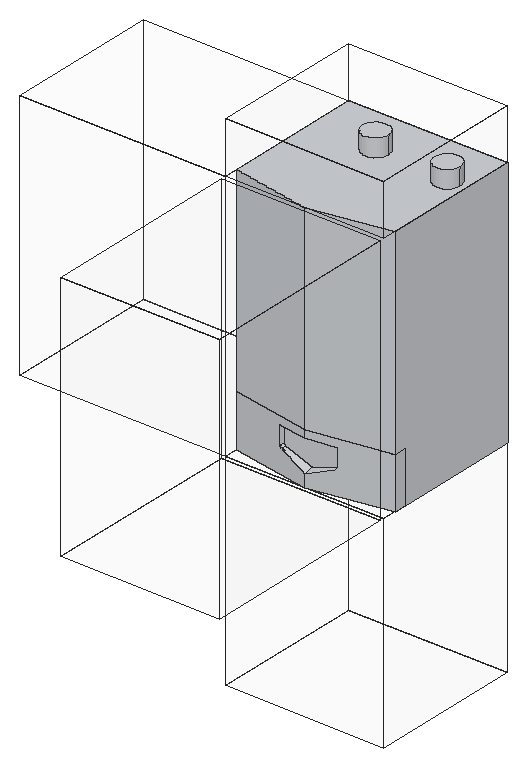
Revit family
Parameters (values of type "WAN125PM")
  WATER CONN SIZE = Water Conn Radius * 2  # 1"
  Top Clearance Height = 6"
  SES BIM Studio # = "201364901-51"
  I_Air Inlet Offset From Back = 6"
  OUTPUT RATE (BTUH) = "-"
  G_Water Outlet Offset from Left = 2 3/4"
  Air Inlet Offset From Left = 16 1/4"
  Flue Offset From Left = 7 1/2"
  Left Clearance Depth = 24"
  H_Flue Offset From Back = 5 1/2"
  Gas Conn Offset From Left = 8"
  Front Clearance Depth = 24"
  E_ Water Outlet Offset From Back = 13"
  Water Conn Radius = 1/2"
  Condensate Drain Offset From Back = 1 3/4"
  Condensate Drain Radius = 3/8"
  Bottom Clearance Height = 24"
  WIDTH = 18 1/2"
  Voltage/Pump Control Contacts = "120"
  Voltage/Control = "24"
  AIR INLET SIZE = Air Inlet Radius * 2  # 3"
  URL = "http://www.lochinvar.com/products/Default.aspx?type=ProductLine&lineid=201"
  Model = "WAN125PM"
  Manufacturer = "Lochinvar"
  MODEL NO. = "WAN125PM"
  Gas Conn Radius = 1/4"
  D_Gas Conn Offset from Back = 7"
  Condensate Drain Offset From Left = 15 1/2"
  GAS CONN SIZE = Gas Conn Radius * 2  # 1/2"
  GALLON CAPACITY = "-"
  Flue Radius = 1 1/2"
  VENT SIZE = Flue Radius * 2  # 3"
  C_Elec Conn Offset from Back = 13"
  B_ DEPTH = 18"
  INPUT RATE (BTUH) = "125,000"
  A_HEIGHT = 29 1/4"
  FUEL TYPE = "NATURAL GAS"
  Description = "Armor Wall Mounted Water Heater"
  Fuel Type = "Natural or LP"
  F_Water Inlet Offset from Back = 3 1/2"
  Air Inlet Radius = 1 1/2"
  Water Intlet Offset From Left = 2 3/4"
Types (3): name | WATER CONN SIZE | I_Air Inlet Offset From Back | G_Water Outlet Offset from Left | E_ Water Outlet Offset From Back | Water Conn Radius | Model | MODEL NO. | D_Gas Conn Offset from Back | C_Elec Conn Offset from Back | B_ DEPTH | INPUT RATE (BTUH)
  (no name) | 1" | 6" | 2 3/4" | 13" | 1/2" | "WAN125PM" | "WAN125PM" | 7" | 13" | 18" | "125,000"
  WAN125PM | 1" | 6" | 2 3/4" | 13" | 1/2" | "WAN125PM" | "WAN125PM" | 7" | 13" | 18" | "125,000"
  WAN200PM | 1 1/4" | 13" | 1 1/2" | 11 3/4" | 5/8" | "WAN200PM" | "WAN200PM" | 14" | 20" | 25" | "199,999"
Reference planes (in)
  plane 1 "Center (Front/Back)": y = 6.125
  plane 2: z = 0
  plane 3 "Center (Left/Right)": x = -1.39218
  plane 4 "Back": y = 14.125
  plane 5 "Front": y = -3.875
  plane 6 "Top": z = 29.25
  plane 7 "Right": x = 7.85782
  plane 8 "Left": x = -10.64218
  plane 9 "Front Clearance": y = -27.875
  plane 10 "Back Clearance": y = 28.125
  plane 11 "Left Clearance": x = -34.64218
  plane 12 "Top Clearance": z = 35.25
  plane 13 "Bottom Clearance": z = -24
  plane 14 "Trim": y = -0.875
Forms (in)
  Extrusion 1, solid
    sketch origin (-1.25, -1.5, 29.25) x (-1, 0, 0) y (0, -1, 0)
      loop
        line (9.39218, -15.625) -> (9.39218, 2.375) -> (-9.10782, 2.375) -> (-9.10782, -15.625) -> (9.39218, -15.625)
    from -29.25 to 0
  Extrusion 2, solid
    sketch origin (0, 0, 0) x (1, 0, 0) y (0, 1, 0)
      loop
        circle (-2.64218, 7.125) r 0.25
    from 0 to -2
  Extrusion 3, solid
    sketch origin (-7.31539, 0, 0) x (1, 0, 0) y (0, 1, 0)
      loop
        circle (-0.57679, 1.125) r 0.5
    from 0 to -2
  Extrusion 4, solid
    sketch origin (-7.31539, -3, 0) x (1, 0, 0) y (0, 1, 0)
      loop
        circle (-0.57679, 13.625) r 0.5
    from 0 to -2
  Extrusion 5, solid
    sketch origin (-2.56539, 0, 0) x (1, 0, 0) y (0, 1, 0)
      loop
        circle (7.42321, 12.375) r 0.375
    from 0 to -2
  Extrusion 6, solid
    sketch origin (7.07681, 4.48288, 0) x (1, 0, 0) y (0, 1, 0)
      loop
        circle (-5.07679, -3.35788) r 0.5
    from 0 to -0.25
  Extrusion 7, solid
    sketch origin (-9.36265, 1.43734, 29.25) x (-1, 0, 0) y (0, -1, 0)
      loop
        circle (-6.22047, -7.18766) r 1.5
    from 0 to 2
  Extrusion 8, solid
    sketch origin (-1.25, -1.5, 29.25) x (-1, 0, 0) y (0, -1, 0)
      loop
        circle (-6.85782, -9.625) r 1.5
    from 0 to 2
  Extrusion 9, solid, material "Clearance"
    sketch origin (7.85782, -3.875, 29.25) x (-1, 0, 0) y (0, 0, -1)
      loop
        line (18.5, 29.25) -> (0, 29.25) -> (0, 0) -> (18.5, 0) -> (18.5, 29.25)
    from 0 to 24
  Extrusion 10, solid, material "Clearance"
    sketch origin (-1.18022, -1.80744, 0) x (1, 0, 0) y (0, 1, 0)
      loop
        line (-9.46196, 15.93244) -> (-9.46196, -2.06756) -> (9.03804, -2.06756) -> (9.03804, 15.93244) -> (-9.46196, 15.93244)
    from 0 to -24
  Extrusion 11, solid, material "Clearance"
    sketch origin (-10.64218, 0, 0) x (0, 1, 0) y (0, 0, 1)
      loop
        line (14.125, 29.25) -> (-3.875, 29.25) -> (-3.875, 0) -> (14.125, 0) -> (14.125, 29.25)
    from 0 to -24
  Extrusion 12, solid, material "Clearance"
    sketch origin (-1.25, -1.5, 29.25) x (-1, 0, 0) y (0, -1, 0)
      loop
        line (9.39218, -15.625) -> (9.39218, 2.375) -> (-9.10782, 2.375) -> (-9.10782, -15.625) -> (9.39218, -15.625)
    from 0 to 6
  Extrusion 13, solid
    sketch origin (0, -3.875, 0) x (1, 0, 0) y (0, 0, 1)
      loop
        line (-10.64218, 0) -> (7.85782, 0) -> (7.85782, 6) -> (-10.64218, 6) -> (-10.64218, 0)
    from -3 to 0.55
  Extrusion 14, void
    sketch origin (0, 0, 0) x (1, 0, 0) y (0, 1, 0)
      loop
        line (-10.64218, -4.425) -> (7.85782, -4.425) -> (7.85782, -2.24353) -> (-1.39218, -3.87456) -> (-10.64218, -2.24353) -> (-10.64218, -4.425)
    from 0 to 29.25 <- "A_HEIGHT"
  Extrusion 15, void
    sketch origin (7.85782, 0, 0) x (0, -1, 0) y (0, 0, 1)
      loop
        arc (3.87456, 3.5) -> (2.84943, 1.02513) -> (0.37456, 0) r 3.5
        line (0.37456, 0) -> (3.87456, 0) -> (3.87456, 3.5)
    from 0 to 18.5
  Blend 16, void
    base sketch origin (0, -3.875, 0.5) x (1, 0, 0) y (0, 0, 1)
      loop
        line (-4.89336, 4.74992) -> (-4.89336, 2.42497)
        arc (-4.89336, 2.42497) -> (-4.84814, 2.28158) -> (-4.72886, 2.19005) r 0.25
        line (-4.72886, 2.19005) -> (-1.39218, 0.9756) -> (1.9454, 2.18162)
        arc (1.9454, 2.18162) -> (2.06145, 2.27181) -> (2.10536, 2.41207) r 0.24598
        line (2.10536, 2.41207) -> (2.10536, 4.74992) -> (-4.89336, 4.74992)
    top sketch origin (0, -3.875, 0.5) x (1, 0, 0) y (0, 0, 1)
      loop
        line (-4.64336, 4.49992) -> (-4.64336, 2.60019)
        arc (-4.64336, 2.60019) -> (-4.59808, 2.4567) -> (-4.47866, 2.36519) r 0.25
        line (-4.47866, 2.36519) -> (-1.38738, 1.24312) -> (1.69032, 2.35524)
        arc (1.69032, 2.35524) -> (1.80998, 2.44673) -> (1.85536, 2.59036) r 0.25
        line (1.85536, 2.59036) -> (1.85536, 4.49992) -> (-4.64336, 4.49992)
    from 0 to -1
Cuts and joins
  Extrusion 14, Blend 16 cuts Extrusion 1
  Extrusion 14 cuts Extrusion 9
  Extrusion 14 cuts Extrusion 10
  Extrusion 14, Extrusion 15 cuts Extrusion 11
  Extrusion 14 cuts Extrusion 12
  Extrusion 14, Blend 16 cuts Extrusion 13
Dimensions and locks (in)
  "Front Clearance Depth": plane 9 "Front Clearance" to plane 5 "Front"
  "Left Clearance Depth": plane 11 "Left Clearance" to plane 8 "Left"
  locked: plane 4 "Back" to plane 10 "Back Clearance" at 14
  "A_HEIGHT": plane 6 "Top" to level
  "Gas Conn Offset From Left": Extrusion 1 to Extrusion 2 sketch curve
  "D_Gas Conn Offset from Back": cut or joined group of Extrusion 11, Extrusion 14, Extrusion 15 to Extrusion 2 sketch curve
  "E_ Water Outlet Offset From Back": cut or joined group of Extrusion 11, Extrusion 14, Extrusion 15 to Extrusion 3 sketch curve
  "G_Water Outlet Offset from Left": Extrusion 1 to Extrusion 3 sketch curve
  "F_Water Inlet Offset from Back": Extrusion 1 to Extrusion 4 sketch curve
  "Water Intlet Offset From Left": Extrusion 1 to Extrusion 4 sketch curve
  "Condensate Drain Offset From Back": cut or joined group of Extrusion 11, Extrusion 14, Extrusion 15 to Extrusion 5 sketch curve
  "Condensate Drain Offset From Left": Extrusion 1 to Extrusion 5 sketch curve
  "C_Elec Conn Offset from Back": Extrusion 6 sketch curve to cut or joined group of Extrusion 11, Extrusion 14, Extrusion 15
  "B_ DEPTH": plane 5 "Front" to plane 4 "Back"
  "WIDTH": plane 8 "Left" to plane 7 "Right"
  "H_Flue Offset From Back": Extrusion 1 to Extrusion 7 sketch curve
  "Flue Offset From Left": Extrusion 1 to Extrusion 7 sketch curve
  "I_Air Inlet Offset From Back": Extrusion 1 to Extrusion 8 sketch curve
  "Air Inlet Offset From Left": Extrusion 1 to Extrusion 8 sketch curve
  "Top Clearance Height": plane 12 "Top Clearance" to plane 6 "Top"
  "Bottom Clearance Height": level to plane 13 "Bottom Clearance"
  locked: plane 5 "Front" to plane 14 "Trim" at 3
  "Gas Conn Radius": radius of Extrusion 2 sketch curve
  "Water Conn Radius": radius of Extrusion 3 sketch curve
  "Water Conn Radius": radius of Extrusion 4 sketch curve
  "Condensate Drain Radius": radius of Extrusion 5 sketch curve
  "Flue Radius": radius of Extrusion 7 sketch curve
  "Air Inlet Radius": radius of Extrusion 8 sketch curve
  aligned and locked: Extrusion 1 to plane 4 "Back"  (x2)
  aligned and locked: Extrusion 1 to plane 7 "Right"
  aligned: plane 6 "Top" to Extrusion 1
  aligned and locked: Extrusion 1 to level
  aligned and locked: Extrusion 10 sketch curve to Extrusion 1  (x3)
  aligned and locked: Extrusion 10 sketch curve to Extrusion 9
  aligned and locked: Extrusion 11 sketch curve to Extrusion 1  (x3)
  aligned and locked: Extrusion 9 to Extrusion 11 sketch curve
  aligned and locked: Extrusion 11 to Extrusion 12 sketch curve
  aligned and locked: Extrusion 12 sketch curve to Extrusion 1  (x2)
  aligned and locked: Extrusion 12 sketch curve to Extrusion 9
  aligned and locked: plane 6 "Top" to Extrusion 1
  aligned and locked: plane 6 "Top" to Extrusion 9
  aligned and locked: plane 12 "Top Clearance" to Extrusion 12
  aligned and locked: Extrusion 10 to plane 13 "Bottom Clearance"
  aligned and locked: Extrusion 13 to plane 14 "Trim"
  aligned: plane 5 "Front" to Extrusion 13
  aligned and locked: Extrusion 15 to plane 7 "Right"
  aligned and locked: Extrusion 15 to plane 8 "Left"
  aligned and locked: Extrusion 15 to Extrusion 1
  aligned and locked: Extrusion 14 to Extrusion 1
  aligned and locked: cut or joined group of Extrusion 9, Extrusion 14 to Extrusion 13
Automatic sketch dimensions
  plane 4 "Back" to Extrusion 1 sketch curve = 0"
  Extrusion 1 sketch curve to plane 7 "Right" = 0"
  plane 5 "Front" to Extrusion 1 sketch curve = 0"
  Extrusion 1 sketch curve to plane 8 "Left" = 0"
  plane 3 "Center (Left/Right)" to Extrusion 6 sketch curve = 3.3922"
  Extrusion 9 sketch curve to Extrusion 1 = 0"  (x4)
  Extrusion 13 sketch curve to plane 8 "Left" = 0"
  Extrusion 13 sketch curve to level = 0"
  plane 7 "Right" to Extrusion 13 sketch curve = 0"
  level to Extrusion 13 sketch curve = 6"
  Extrusion 14 sketch curve to plane 8 "Left" = 0"
  Extrusion 14 sketch curve to plane 3 "Center (Left/Right)" = 0"
  Extrusion 14 sketch curve to plane 7 "Right" = 0"
  plane 5 "Front" to Extrusion 14 sketch curve = 0.55"
  Extrusion 14 sketch curve to plane 5 "Front" = 0.00044"
  Extrusion 14 sketch curve to plane 5 "Front" = 1.63147"  (x2)
  Extrusion 15 sketch curve to level = 0"
  Extrusion 15 sketch curve to plane 5 "Front" = 3.50044"
  Extrusion 15 sketch curve to plane 5 "Front" = 0.00044"
  Blend 16 sketch curve to plane 3 "Center (Left/Right)" = 0"
  Blend 16 sketch curve to plane 3 "Center (Left/Right)" = 3.25118"  (x2)
  level to Blend 16 sketch curve = 2.69005"
  Blend 16 sketch curve to Blend 16 sketch curve = 0.08551"
  Blend 16 sketch curve to Blend 16 sketch curve = 1/4"  (x3)
  plane 3 "Center (Left/Right)" to Blend 16 sketch curve = 3.25156"
  Blend 16 sketch curve to Blend 16 sketch curve = 0.08602"
  Blend 16 sketch curve to Blend 16 sketch curve = 0.24598"
  level to Blend 16 sketch curve = 2.68162"
  level to Blend 16 sketch curve = 1.4756"
  Blend 16 sketch curve to Blend 16 sketch curve = 2.33785"
  Blend 16 sketch curve to Blend 16 sketch curve = 0.1647"
  plane 3 "Center (Left/Right)" to Blend 16 sketch curve = 0.0048"
  plane 3 "Center (Left/Right)" to Blend 16 sketch curve = 2.99754"
  Blend 16 sketch curve to Blend 16 sketch curve = 0.08496"
  level to Blend 16 sketch curve = 1.74312"
  level to Blend 16 sketch curve = 2.85524"
  level to Blend 16 sketch curve = 2.86519"
  Blend 16 sketch curve to Blend 16 sketch curve = 1.90956"
  radius of Extrusion 6 sketch curve = 1/2"
Connectors (in)
  piping at (-2.64218, 7.125, -2), driven by "Gas Conn Radius"
    settings: on Extrusion 2, index 1, connector radius 1/4", flow factor 0, pipe flow 0 GPM, pressure drop 0.00 psi, fitting loss kfactor 0, connector angle 0.00°, fixture units 0, flow configuration 0, flow direction 1, fitting loss method 0, system type 22, connector reference index -1, connector utility 0, adjustable connector no, is connector primary yes, fitting loss table "", connector description "Gas Connection"
  piping at (-7.89218, 10.625, -2), driven by "Water Conn Radius"
    settings: on Extrusion 4, index 2, connector radius 1/2", flow factor 0, pipe flow 0 GPM, pressure drop 0.00 psi, fitting loss kfactor 0, connector angle 0.00°, fixture units 0, flow configuration 0, flow direction 1, fitting loss method 0, system type 8, connector reference index -1, connector utility 0, adjustable connector no, is connector primary no, fitting loss table "", connector description "Water Inlet"
  piping at (-7.89218, 1.125, -2), driven by "Water Conn Radius"
    settings: on Extrusion 3, index 3, connector radius 1/2", flow factor 0, pipe flow 0 GPM, pressure drop 0.00 psi, fitting loss kfactor 0, connector angle 0.00°, fixture units 0, flow configuration 0, flow direction 2, fitting loss method 0, system type 7, connector reference index -1, connector utility 0, adjustable connector no, is connector primary no, fitting loss table "", connector description "Water Outlet"
  piping at (4.85782, 12.375, -2), driven by "Condensate Drain Radius"
    settings: on Extrusion 5, index 4, connector radius 3/8", flow factor 0, pipe flow 0 GPM, pressure drop 0.00 psi, fitting loss kfactor 0, connector angle 0.00°, fixture units 0, flow configuration 0, flow direction 2, fitting loss method 0, system type 22, connector reference index -1, connector utility 0, adjustable connector no, is connector primary no, fitting loss table "", connector description "Condensate Drain"
  electrical at (2.00002, 1.125, -0.25)
    settings: on Extrusion 6, index 8, voltage 0 V, apparent load 0 VA, apparent load phase1 0 VA, apparent load phase2 0 VA, apparent load phase3 0 VA, power factor 1, load classification "Other", number of poles 1, system type 31, power factor state 1, is connector primary yes, connector utility no, sub classification motor no, connector description "Line Voltage"
  hvac at (-3.14218, 8.625, 31.25), driven by "Flue Radius"
    settings: on Extrusion 7, index 9, duct flow 0 CFM, flow factor 0, pres drop 0.00 in-wg, loss coef 0, conn angle 0.00°, conn width 12", conn height 12", conn radius 1 1/2", duct sys type 3, conn prof type 0, flow config 0, flow direction 2, loss method 0, conn ref index -1, conn util no, is conn primary yes, conn desc "Flue"
  hvac at (5.60782, 8.125, 31.25), driven by "Air Inlet Radius"
    settings: on Extrusion 8, index 10, duct flow 0 CFM, flow factor 0, pres drop 0.00 in-wg, loss coef 0, conn angle 0.00°, conn width 12", conn height 12", conn radius 1 1/2", duct sys type 1, conn prof type 0, flow config 0, flow direction 1, loss method 0, conn ref index -1, conn util no, is conn primary no, conn desc "Air Inlet"
